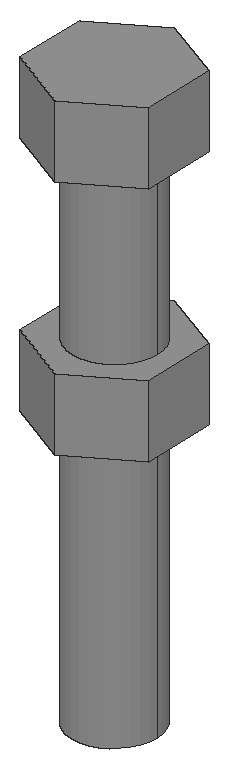
Revit family "Lag Bolt", category Generic Models, Revit 2017
Family settings
  Can host rebar = No
  Round Connector Dimension = Use Diameter
  Part Type = Normal
  Work Plane-Based = Yes
  Always vertical = No
  Cut with Voids When Loaded = No
  Shared = No
  Room Calculation Point = No
Parameters (values of type "1/2" x 3"")
  Thickness_of_Substrate [instance] = 0' - 1"
  Side = Head Size * 0.57812  # 0' - 0 111/256"
  Radius = Diameter / 2  # 0' - 0 1/4"
  Nut_Visibility = yes
  Length = 0' - 3"
  Head Size = 0' - 0 3/4"
  Head Radius = Head Size / 2  # 0' - 0 3/8"
  Head Height = 0' - 0 27/64"
  Diameter = 0' - 0 1/2"
  Default Elevation = 4' - 0"
  Bolt Material (Size) [instance] = STRUCTURAL BOLTS (PAINT TO MATCH STEEL FINISH)
Types (12): name | Side | Radius | Length | Head Size | Head Radius | Head Height | Diameter | Bolt Material (Size)
  1/2" x 3" | 0' - 0 111/256" | 0' - 0 1/4" | 0' - 3" | 0' - 0 3/4" | 0' - 0 3/8" | 0' - 0 27/64" | 0' - 0 1/2" | STRUCTURAL BOLTS (PAINT TO MATCH STEEL FINISH)
  1/4" x 3" | 0' - 0.25293" | 0' - 0 1/8" | 0' - 3" | 0' - 0 7/16" | 0' - 0 7/32" | 0' - 0 11/64" | 0' - 0 1/4" | STRUCTURAL BOLTS (PAINT TO MATCH STEEL FINISH)
  5/16" x 3" | 0' - 0 37/128" | 0' - 0 5/32" | 0' - 3" | 0' - 0 1/2" | 0' - 0 1/4" | 0' - 0 7/32" | 0' - 0 5/16" | STRUCTURAL BOLTS (PAINT TO MATCH STEEL FINISH)
  3/8" x 3" | 0' - 0.3252" | 0' - 0 3/16" | 0' - 3" | 0' - 0 9/16" | 0' - 0 9/32" | 0' - 0 1/4" | 0' - 0 3/8" | STRUCTURAL BOLTS (PAINT TO MATCH STEEL FINISH)
  7/16" x 3" | 0' - 0.36133" | 0' - 0 7/32" | 0' - 3" | 0' - 0 5/8" | 0' - 0 5/16" | 0' - 0 19/64" | 0' - 0 7/16" | STRUCTURAL BOLTS (PAINT TO MATCH STEEL FINISH)
  5/8" x 3" | 0' - 0.54199" | 0' - 0 5/16" | 0' - 3" | 0' - 0 15/16" | 0' - 0 15/32" | 0' - 0 27/64" | 0' - 0 5/8" | STRUCTURAL BOLTS (PAINT TO MATCH STEEL FINISH)
  1/2" x 2 1/2" | 0' - 0 111/256" | 0' - 0 1/4" | 0' - 2 1/2" | 0' - 0 3/4" | 0' - 0 3/8" | 0' - 0 11/32" | 0' - 0 1/2" | STRUCTURAL BOLTS (PAINT TO MATCH STEEL FINISH)
  3/4" x 2" | 0' - 0.65039" | 0' - 0 3/8" | 0' - 2" | 0' - 1 1/8" | 0' - 0 9/16" | 0' - 0 1/2" | 0' - 0 3/4" | STRUCTURAL BOLTS (PAINT TO MATCH STEEL FINISH)
  3/8" x 1" | 0' - 0.3252" | 0' - 0 3/16" | 0' - 1" | 0' - 0 9/16" | 0' - 0 9/32" | 0' - 0 1/4" | 0' - 0 3/8" | STRUCTURAL BOLTS (PAINT TO MATCH STEEL FINISH)
  1/2" x 4" | 0' - 0 111/256" | 0' - 0 1/4" | 0' - 4" | 0' - 0 3/4" | 0' - 0 3/8" | 0' - 0 1/2" | 0' - 0 1/2" | 1" GALV. LAG BOLT (LENGTH = 1/2" SHY OF GLULAM DEPTH) -  (GALV. THRU BOLT IF PLATE ON OPP. SIDE OF STRUCT MEMBER)
  TWO | 0' - 0 37/128" | 0' - 0 5/32" | 0' - 1" | 0' - 0 1/2" | 0' - 0 1/4" | 0' - 0 7/32" | 0' - 0 5/16" | STRUCTURAL BOLTS (PAINT TO MATCH STEEL FINISH)
  ONE | 0' - 0 37/128" | 0' - 0 5/32" | 0' - 1 3/4" | 0' - 0 1/2" | 0' - 0 1/4" | 0' - 0 7/32" | 0' - 0 5/16" | STRUCTURAL BOLTS (PAINT TO MATCH STEEL FINISH)
Reference planes (in)
  plane 1 "Center (Front/Back)": y = 0
  plane 2: z = 0
  plane 3 "Center (Left/Right)": x = 0
  plane 4: z = 0.42187
  plane 5: z = -3
  plane 6: y = 0
  plane 7: x = 0
  plane 8: z = -1
Forms (in)
  Extrusion 1, solid, material "STRUCTURAL BOLTS (PAINT TO MATCH STEEL FINISH)" <- "Bolt Material (Size)"
    sketch origin (0, 0, 0) x (1, 0, 0) y (0, 1, 0)
      loop
        circle (0, 0) r 0.25
    from -3 to 0
Lines and regions (in)
  model lines, style "InvisibleLines"
    curve 1: line (0, -0.64952, 0.42188) -> (0, 0.64952, 0.42188)
    curve 2: line (0.375, 0, 0.42188) -> (-0.375, 0, 0.42188)
  symbolic lines, style "InvisibleLines"
    curve 3: line (0, 0, 0.42187) -> (0, 0, -3)
    curve 4: line (0, 0, 0.42187) -> (0, 0, -3)
Dimensions and locks (in)
  "Head Height": plane 4 to level
  "Length": level to plane 5
  "Thickness_of_Substrate": level to plane 8
  "Radius": radius of Extrusion 1 sketch curve
  aligned and locked: level to plane 2
  aligned and locked: Extrusion 1 to plane 5
  aligned and locked: plane 7 to curve 1
  aligned and locked: plane 6 to curve 2
  aligned and locked: plane 6 to curve 4
Automatic sketch dimensions
  curve 3 to plane 3 "Center (Left/Right)" = 0' - 0"
  curve 3 to plane 5 = 0' - 0"
  curve 3 to plane 4 = 0' - 0"
  curve 4 to plane 5 = 0' - 0"
  curve 4 to plane 4 = 0' - 0"
  curve 1 to curve 2 = 0' - 0.64952"
  curve 2 to curve 1 = 0' - 0.64952"
  curve 2 to nested 1 = 0' - 0"  (x2)
  plane 1 "Center (Front/Back)" to Extrusion 1 sketch curve = 0' - 0"
  Extrusion 1 sketch curve to plane 3 "Center (Left/Right)" = 0' - 0"
Nested families (in)
  nested 1: "Nut" at (0, 0, 0), Diameter <- "Diameter", Head Height <- "Head Height", Head Size <- "Head Size", Bolt Material (Size) <- "Bolt Material (Size)", type "one"
    with Side 0' - 0 111/256", Radius 0' - 0 1/4", Head Size 0' - 0 3/4", Head Radius 0' - 0 3/8", Head Height 0' - 0 27/64", Diameter 0' - 0 1/2", Bolt Material (Size) STRUCTURAL BOLTS (PAINT TO MATCH STEEL FINISH)
  nested 2: "Nut" at (0, 0, -1) x (1, 0, 0) z (0, 0, -1), Diameter <- "Diameter", Head Height <- "Head Height", Head Size <- "Head Size", visible <- "Nut_Visibility", type "one"
    with Side 0' - 0 111/256", Radius 0' - 0 1/4", Head Size 0' - 0 3/4", Head Radius 0' - 0 3/8", Head Height 0' - 0 27/64", Diameter 0' - 0 1/2", Bolt Material (Size) STRUCTURAL BOLTS (PAINT TO MATCH STEEL FINISH)
Definition of nested family "Nut"
  Parameters (values of type "one")
    Side [instance] = Head Size * 0.57812  # 0' - 0 111/256"
    Radius [instance] = Diameter / 2  # 0' - 0 1/4"
    Head Size [instance] = 0' - 0 3/4"
    Head Radius [instance] = Head Size / 2  # 0' - 0 3/8"
    Head Height [instance] = 0' - 0 11/32"
    Diameter [instance] = 0' - 0 1/2"
    Default Elevation = 4' - 0"
    Bolt Material (Size) [instance] = none
  Reference planes (in)
    plane 1 "Center (Front/Back)": y = 0
    plane 2: z = 0
    plane 3 "Center (Left/Right)": x = 0
    plane 4: z = 0.34375
    plane 5: y = 0
    plane 6: x = 0
  Forms (in)
    Extrusion 1, solid, material <- "Bolt Material (Size)"
      sketch origin (0, 0, 0) x (1, 0, 0) y (0, 1, 0)
        loop
          line (0, 0.43301) -> (-0.375, 0.21651) -> (-0.375, -0.21651) -> (0, -0.43301) -> (0.375, -0.21651) -> (0.375, 0.21651) -> (0, 0.43301)
      from 0 to 0.34375
  Lines and regions (in)
    symbolic lines
      curve 1: line (0, 0, 0.34375) -> (0, 0, -3)
  Dimensions and locks (in)
    "Head Height": plane 4 to level
    "Head Radius": Extrusion 1 sketch curve to plane 3 "Center (Left/Right)"
    "Head Radius": Extrusion 1 sketch curve to plane 6
    "Head Radius": Extrusion 1 sketch curve to plane 5  (x2)
    locked: Extrusion 1 sketch curve to Extrusion 1 sketch curve (angle 120.00°)  (x5)
    aligned and locked: level to plane 2
    aligned and locked: Extrusion 1 to plane 4
    aligned and locked: plane 5 to curve 1
  Automatic sketch dimensions
    curve 1 to plane 4 = 0' - 0"
    curve 1 to level = 0' - 3"
    Extrusion 1 sketch curve to plane 3 "Center (Left/Right)" = 0' - 0"  (x2)
Types in the file's own list only (1): name | Side | Length | Head Height
  Type 2 | 0' - 0 7/16" | 0' - 4" | 0' - 0 1/2"
